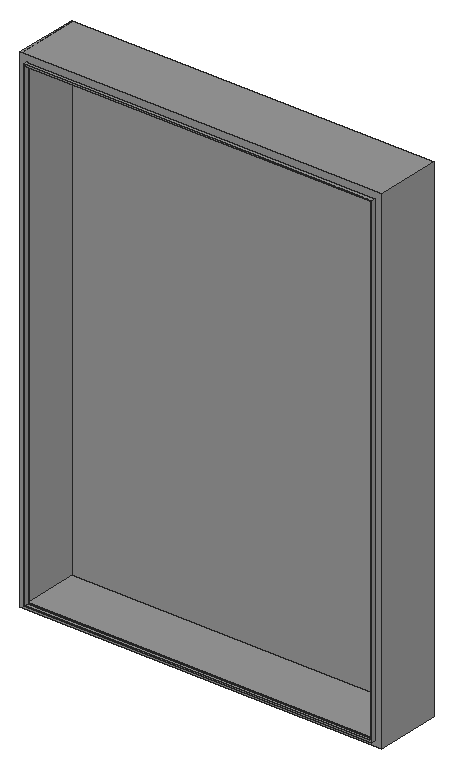
Revit family "Hager-Univers-IP30-D161-Cl.II-FWQ-encl-NoHosted-NL-en", category Equipement électrique, Revit 2020
Family settings
  Configuration du panneau = Deux colonnes, circuits au sein
  Cote de connecteur circulaire = Utiliser le diamètre
  Type d'élément = Tableau de raccordement
  Basée sur le plan de construction = Oui
  Toujours verticalement = Oui
  Couper avec des vides une fois chargée = Non
  Partagée = Non
  Point de calcul de pièce = Non
Parameters (values of type "Surface mounted (plaster) IP30 W800 H1100 D161  - FWQ73D1")
  Width Control [instance] = if([EF000008 - Width] > Min Width, [EF000008 - Width], Min Width)  # 800 mm
  Commentaires du type = [HG000003 - Range]  # "Univers"
  Thickness Door [instance] = if([EF009171 - Material plate thickness door/cover] > 3 mm, 3 mm, [EF009171 - Material plate thickness door/cover])  # 2 mm
  Seal Frame Offset [instance] = 17 mm  # constant formula
  Plinth Visibility [instance] = [HG000027 - Plinth height] > 0 mm  # no
  Min Width [instance] = 100 mm  # constant formula
  Min Depth [instance] = (2 * [EF009170 - Material plate thickness cabinet]) + 1 mm  # 5 mm
  Min Height [instance] = 100 mm  # constant formula
  Internal Frame Depth [instance] = (Door System Depth * 0.5)  # 9 mm
  Panel Name [instance] = ""  # (empty or 0)
  Model = ""
  HG000027 - Plinth height = 0 mm
  HG000026 - Floor standing = no
  HG000024 - Bottom section height = 600 mm
  HG000023 - Double section enclosure = no
  HG000016 - Door 3d visibility [instance] = yes
  HG000015 - Clearance visibility [instance] = no
  HG000014 - Door on the right [instance] = yes
  HG000013 - Door on the left [instance] = not([HG000014 - Door on the right])  # no
  HG000012 - Door swing angle [instance] = 30.00°
  HG000010 - Asymmetric doors = no
  HG000009 - Double swing door = no
  HG000006 - Flush mounted = no
  HG000004 - Manufacturer reference = "FWQ73D1"
  HG000003 - Range = "Univers"
  HG000002 - With door or cover = no
  Frame Offset Bottom [instance] = 10 mm  # constant formula
  Frame Offset [instance] = 15 mm  # constant formula
  EF015940 - Cover with overpressure release = no
  EF011959 - Degree of protection (NEMA) = ""
  EF009554 - Number of openings for flange plates = 6
  EF009212 - Cover model = "EV009916 - With notch"
  EF009171 - Material plate thickness door/cover = 2 mm
  EF009170 - Material plate thickness cabinet = 2 mm
  EF008873 - Nominal current (In) = 125 A
  EF007800 - Suitable for lightning protection = no
  EF006306 - With lock = no
  EF006244 - Transparent cover/door = no
  EF005474 - Degree of protection (IP) = "EV006410 - IP30"
  EF004464 - Type of door = "EV002646 - Single"
  EF004427 - Number of modules = 252
  EF004293 - Impact strength = ""
  EF003532 - Suitable for outdoor use = no
  EF002950 - Width in number of modular spacings = 12
  EF001613 - Circuit integrity = "EV000494 - None"
  EF001596 - Material housing = "EV000179 - Steel"
  EF001131 - Internal depth = 161 mm
  EF001088 - Extension possible = yes
  EF000437 - Number of conduit inlets = 12
  EF000339 - Type of cover = "EV001012 - Cover"
  EF000266 - Number of rows = 21
  EF000218 - Built-in depth = 0 mm
  EF000118 - With mounting plate = yes
  EF000116 - RAL-number = "9010"
  EF000049 - Depth = 161 mm
  EF000040 - Height = 1100 mm
  EF000008 - Width = 800 mm
  EF000007 - Colour = "EV000202 - White"
  EF000003 - Mounting method = "EV000384 - Surface mounted (plaster)"
  Door System Leaf Tolerance [instance] = 1.5 mm  # constant formula
  Door System Depth [instance] = 18 mm  # constant formula
  Door Height [instance] = Height Control - [HG000027 - Plinth height]  # 1100 mm
  Description = ""
  Default Elevation = 1219.2 mm
  Connector Offset [instance] = Height Control / 2  # 550 mm
  Fabricant = "Hager"  # constant formula
  Height Control [instance] = if([EF000040 - Height] > Min Height, [EF000040 - Height], Min Height)  # 1100 mm
  Depth Control [instance] = if([EF000049 - Depth] > Min Depth, [EF000049 - Depth], Min Depth)  # 161 mm
  Bottom Top Plate Trim [instance] = 1.5 mm  # constant formula
  Plinth height Ctrl [instance] = if([HG000027 - Plinth height] > 0 mm, [HG000027 - Plinth height], 12 mm)  # 12 mm
Types (2, lengths in mm): name | Width Control | HG000004 - Manufacturer reference | EF009554 - Number of openings for flange plates | EF004427 - Number of modules | EF000437 - Number of conduit inlets | EF000266 - Number of rows | EF000008 - Width
  Surface mounted (plaster) IP30 W1050 H1100 D161  - FWQ74D1 | 1050 | "FWQ74D1" | 8 | 336 | 16 | 28 | 1050
  Surface mounted (plaster) IP30 W800 H1100 D161  - FWQ73D1 | 800 | "FWQ73D1" | 6 | 252 | 12 | 21 | 800
Reference planes
  plane 1 "Center (Front/Back)": y = 0
  plane 2: z = 0
  plane 3 "Center (Left/Right)": x = 0
  plane 4: y = 0
  plane 5: y = 0
  plane 6: z = 0
  plane 7: x = -400
  plane 8: x = 400
  plane 9: x = 398
  plane 10: x = -398
  plane 11: z = 0
  plane 12: z = 2
  plane 13: y = -161
  plane 14: y = -2
  plane 15: x = 0
  plane 16: y = -143
  plane 17: y = -159
  plane 18: y = -141
  plane 19: x = -383
  plane 20: x = 383
  plane 21: z = 12
  plane 22: x = -383
  plane 23: x = 383
  plane 24: z = 0
  plane 25: z = 1100
  plane 26: z = 1100
  plane 27: z = 1083
  plane 28: z = 1098
Forms (mm)
  Extrusion 1, solid, material "Hager_Steel_RAL7035_Light_Grey", detail levels medium+fine
    sketch origin (-208.679, -4572, 0) x (-1, 0, 0) y (0, -1, 0)
      loop
        line (191.321, -4429) -> (-608.679, -4429) -> (-608.679, -4572) -> (191.321, -4572) -> (191.321, -4429)
    from 0 to 1100
  Extrusion 2, void
    sketch origin (-350.771, -161, 1219.2) x (1, 0, 0) y (0, 0, 1)
      loop
        line (-47.229, -121.2) -> (-47.229, -1217.2) -> (748.771, -1217.2) -> (748.771, -121.2) -> (-47.229, -121.2)
    from -20 to -159
  Extrusion 3, void
    sketch origin (-290.084, -143, 1219.2) x (1, 0, 0) y (0, 0, 1)
      loop
        line (-92.916, -1207.2) -> (673.084, -1207.2) -> (673.084, -136.2) -> (-92.916, -136.2) -> (-92.916, -1207.2)
    from 0 to -2
  Extrusion 4, solid, material "Hager_Steel_RAL7035_Light_Grey", visible <- "Plinth Visibility", detail levels medium+fine
    sketch origin (0, 0, 0) x (1, 0, 0) y (0, 1, 0)
      loop
        line (-400, 0) -> (-400, -143) -> (400, -143) -> (400, 0) -> (-400, 0)
    from 0 to 12 <- "Plinth height Ctrl"
  Extrusion 5, solid, material "Hager_Steel_RAL7035_Light_Grey", detail levels coarse
    sketch origin (0, 0, 0) x (1, 0, 0) y (0, 1, 0)
      loop
        line (-400, 0) -> (-400, -161) -> (400, -161) -> (400, 0) -> (-400, 0)
    from 0 to 1100 <- "Height Control"
  Sweep 6, void
    path in 3D
      loop
        line (-400, -143, 12) -> (400, -143, 12) -> (400, 0, 12) -> (-400, 0, 12) -> (-400, -143, 12)
    profile origin (-400, -71.5, 12) x (1, 0, 0) y (0, 0, 1)
      loop
        line (0, 0) -> (0, -1.5) -> (1.5, -1.5)
        arc (1.5, -1.5) -> (1.061, -0.439) -> (0, 0) r 1.5
  Extrusion 7, solid, material "Hager_Steel_RAL7035_Light_Grey", detail levels fine
    sketch origin (-400, -143, 0) x (1, 0, 0) y (0, 0, 1)
      loop
        line (17, 12) -> (783, 12) -> (783, 1083) -> (17, 1083) -> (17, 12)
      loop
        line (15, 10) -> (785, 10) -> (785, 1085) -> (15, 1085) -> (15, 10)
    from 0 to 9 <- "Internal Frame Depth"
Cuts and joins
  Extrusion 2, Extrusion 3 cuts Extrusion 1
  Sweep 6 cuts Extrusion 4
Lines and regions (mm)
  Masking region 1
    outline origin (0, 0, 0) x (1, 0, 0) y (0, 1, 0)
      loop
        line (-400, 0) -> (-400, -161) -> (400, -161) -> (400, 0) -> (-400, 0)
  Masking region 2, detail levels coarse
    outline origin (-290.084, -143, 1219.2) x (-1, 0, 0) y (0, 0, 1)
      loop
        line (-690.084, -1219.2) -> (109.916, -1219.2) -> (109.916, -119.2) -> (-690.084, -119.2) -> (-690.084, -1219.2)
  Masking region 3, detail levels coarse
    outline origin (0, 0, 0) x (0, 1, 0) y (0, 0, 1)
      loop
        line (0, 0) -> (0, 1100) -> (-161, 1100) -> (-161, 0) -> (0, 0)
  Masking region 4, visible <- "Plinth Visibility", detail levels medium+fine
    outline origin (0, 0, 0) x (0, 1, 0) y (0, 0, 1)
      loop
        line (-1.5, 12) -> (-141.5, 12)
        arc (-141.5, 12) -> (-141.939, 10.939) -> (-143, 10.5) r 1.5
        line (-143, 10.5) -> (-143, 0) -> (0, 0) -> (0, 10.5)
        arc (0, 10.5) -> (-1.061, 10.939) -> (-1.5, 12) r 1.5
  Masking region 5, detail levels medium+fine
    outline origin (0, 0, 594.038) x (0, 1, 0) y (0, 0, 1)
      loop
        line (0, -594.038) -> (0, 505.962) -> (-143, 505.962) -> (-143, -594.038) -> (0, -594.038)
  Masking region 6, detail levels medium+fine
    outline origin (-359.7, -143, 1211.883) x (-1, 0, 0) y (0, 0, 1)
      loop
        line (-759.7, -1211.883) -> (40.3, -1211.883) -> (40.3, -111.883) -> (-759.7, -111.883) -> (-759.7, -1211.883)
  Masking region 7, visible <- "Plinth Visibility", detail levels medium+fine
    outline origin (-320.334, -143, 1041.368) x (-1, 0, 0) y (0, 0, 1)
      loop
        line (-720.334, -1041.368) -> (79.666, -1041.368) -> (79.666, -1030.868)
        arc (79.666, -1030.868) -> (78.606, -1030.429) -> (78.166, -1029.368) r 1.5
        line (78.166, -1029.368) -> (-718.834, -1029.368)
        arc (-718.834, -1029.368) -> (-719.273, -1030.429) -> (-720.334, -1030.868) r 1.5
        line (-720.334, -1030.868) -> (-720.334, -1041.368)
  sketch lines
    curve 1: line (-400, 0, 12) -> (-400, -143, 12)
    curve 2: line (-400, -143, 12) -> (400, -143, 12)
    curve 3: line (400, 0, 12) -> (-400, 0, 12)
    curve 4: line (400, -143, 12) -> (400, 0, 12)
Dimensions and locks
  locked: plane 1 "Center (Front/Back)" to plane 5
  "EF009170 - Material plate thickness cabinet": plane 7 to plane 10
  "EF009170 - Material plate thickness cabinet": plane 8 to plane 9
  equal spacing: plane 7, plane 3 "Center (Left/Right)", plane 8
  "Width Control": plane 7 to plane 8
  "Depth Control": plane 4 to plane 13
  "EF009170 - Material plate thickness cabinet": plane 4 to plane 14
  "Height Control": plane 25 to level
  "HG000027 - Plinth height": plane 11 to level
  "EF009170 - Material plate thickness cabinet": plane 12 to plane 11
  "EF009170 - Material plate thickness cabinet": plane 17 to plane 13
  "EF009170 - Material plate thickness cabinet": plane 18 to plane 16
  "Frame Offset Bottom": plane 21 to plane 12
  "Frame Offset": plane 10 to plane 19
  "Frame Offset": plane 9 to plane 20
  "Door System Depth": plane 16 to plane 13
  "Seal Frame Offset": plane 7 to plane 22
  "Seal Frame Offset": plane 8 to plane 23
  "EF009170 - Material plate thickness cabinet": plane 26 to plane 28
  "Frame Offset": plane 28 to plane 27
  "Connector Offset": plane 2 to connector elem
  "Bottom Top Plate Trim": profile plane to Sweep 6 sketch curve
  "Bottom Top Plate Trim": Sweep 6 sketch curve to Sweep 6 sketch curve
  "Plinth height Ctrl": Masking region 4 sketch curve to level
  "Plinth height Ctrl": Masking region 7 sketch curve to level
  "Thickness Door": Extrusion 7 sketch curve to Extrusion 7 sketch curve  (x4)
  "Bottom Top Plate Trim": radius of Sweep 6 sketch curve
  "Bottom Top Plate Trim": radius of Masking region 4 sketch curve  (x2)
  "Bottom Top Plate Trim": radius of Masking region 7 sketch curve  (x2)
  aligned and locked: Extrusion 2 sketch curve to plane 12
  aligned and locked: Extrusion 2 sketch curve to plane 9
  aligned and locked: Extrusion 2 sketch curve to plane 10
  aligned and locked: Extrusion 2 to plane 14
  aligned and locked: Extrusion 1 sketch curve to plane 4
  aligned and locked: plane 8 to Extrusion 1 sketch curve
  aligned and locked: plane 7 to Extrusion 1 sketch curve
  aligned and locked: Extrusion 2 to plane 18
  aligned and locked: Extrusion 3 sketch curve to plane 19
  aligned and locked: plane 20 to Extrusion 3 sketch curve
  aligned and locked: Extrusion 3 to Extrusion 2
  aligned and locked: Extrusion 3 sketch curve to plane 21
  aligned and locked: plane 3 "Center (Left/Right)" to nested 1
  aligned and locked: Extrusion 1 sketch curve to plane 16
  aligned and locked: Extrusion 4 sketch curve to cut or joined group of Extrusion 1, Extrusion 2, Extrusion 3
  aligned and locked: Masking region 1 sketch curve to plane 7
  aligned and locked: Masking region 1 sketch curve to plane 5
  aligned and locked: Masking region 1 sketch curve to plane 8
  aligned and locked: Masking region 2 sketch curve to level
  aligned and locked: level to Masking region 3 sketch curve
  aligned and locked: plane 1 "Center (Front/Back)" to Masking region 3 sketch curve
  aligned and locked: plane 13 to Masking region 3 sketch curve
  aligned and locked: plane 5 to Masking region 4 sketch curve
  aligned and locked: Masking region 2 sketch curve to plane 8
  aligned and locked: Masking region 2 sketch curve to plane 7
  aligned and locked: plane 7 to nested 2
  aligned and locked: nested 2 to plane 5
  aligned and locked: plane 5 to Masking region 5 sketch curve
  aligned and locked: plane 26 to Masking region 5 sketch curve
  aligned and locked: Extrusion 5 sketch curve to plane 8
  aligned and locked: Extrusion 5 sketch curve to plane 7
  aligned and locked: Extrusion 5 sketch curve to plane 5
  aligned and locked: Extrusion 3 sketch curve to plane 27
  aligned and locked: Extrusion 2 sketch curve to plane 28
  aligned and locked: Masking region 2 to plane 25
  aligned and locked: Extrusion 4 to plane 16
  aligned and locked: profile plane to Sweep 6 sketch curve
  aligned and locked: Masking region 5 sketch curve to plane 24
  aligned and locked: level to Masking region 4 sketch curve
  aligned and locked: Masking region 1 to plane 13
  aligned and locked: nested 1 to plane 16
  aligned and locked: Masking region 3 to plane 25
  aligned and locked: plane 16 to Masking region 4 sketch curve
  aligned and locked: Masking region 5 sketch curve to plane 16
  aligned and locked: plane 24 to plane 11
  aligned and locked: plane 26 to plane 25
  aligned and locked: plane 26 to cut or joined group of Extrusion 1, Extrusion 2, Extrusion 3
  aligned and locked: nested 1 to plane 24
  aligned and locked: Extrusion 1 to Extrusion 3
  aligned and locked: Masking region 6 sketch curve to plane 8
  aligned and locked: Masking region 6 sketch curve to plane 24
  aligned and locked: Masking region 6 sketch curve to plane 7
  aligned and locked: Masking region 6 sketch curve to plane 26
  aligned and locked: Masking region 7 sketch curve to plane 7
  aligned and locked: level to Masking region 7 sketch curve
  aligned and locked: Masking region 7 sketch curve to plane 8
  aligned and locked: Extrusion 7 sketch curve to cut or joined group of Extrusion 1, Extrusion 2, Extrusion 3  (x4)
Automatic sketch dimensions
  plane 19 to Extrusion 3 sketch curve = 0 mm
  Extrusion 3 sketch curve to plane 20 = 0 mm
  Extrusion 3 sketch curve to plane 21 = 0 mm
  Extrusion 4 sketch curve to plane 7 = 0 mm
  Extrusion 4 sketch curve to plane 8 = 0 mm
  Extrusion 4 sketch curve to plane 16 = 0 mm
  Masking region 1 sketch curve to plane 13 = 0 mm
  Masking region 2 sketch curve to plane 25 = 0 mm
  Masking region 3 sketch curve to plane 25 = 0 mm
  Extrusion 5 sketch curve to plane 13 = 0 mm
  profile plane to Sweep 6 sketch curve = 0 mm
Nested families
  nested 1: "EC000058_Univers_Door" at (0, -143, 0), Double <- "HG000009 - Double swing door", Transparent <- "EF006244 - Transparent cover/door", Angle <- "HG000012 - Door swing angle", Door_Right <- "HG000014 - Door on the right", Assymetrical <- "HG000010 - Asymmetric doors", Door <- "HG000002 - With door or cover", Width_Ctrl <- "Width Control", 3d_Door <- "HG000016 - Door 3d visibility", Clearance <- "HG000015 - Clearance visibility", Door_Left <- "HG000013 - Door on the left", Width <- "Width Control", Door_Depth <- "Door System Depth", Leaf_Tolerance <- "Door System Leaf Tolerance", Height <- "Door Height", Lock_Visibility <- "EF006306 - With lock", Thickness <- "Thickness Door", type "EC000058_Univers_Door", detail levels medium+fine
    with min_wh 5 mm, Width_Ctrl 800 mm, Width 800 mm, Transparent no, Thickness 2 mm, Seal_Material Hager_Rubber, Lock_Visibility no, Lock_Material Hager_Plastic_RAL9005_Jet_Black, Leaf_Width 800 mm, Leaf_Tolerance_External_Sides 0 mm, Leaf_Tolerance 1.5 mm, Leaf_Offset 0 mm, Leaf_Height 1097 mm, Leaf_2_Width 800 mm, Leaf_2_Offset 400 mm, Leaf_1_Width 800 mm, Leaf_1_Offset 400 mm, Height_Ctrl 1100 mm, Height 1100 mm, Glass_Material Hager_Glass, Double_Clearance_Ctrl no, Double no, Door_Right_Ctrl no, Door_Right yes, Door_Material Hager_Steel_RAL7035_Light_Grey, Door_Left_Ctrl no, Door_Left no, Door_Depth 18 mm, Door no, Clearance_Material Hager_Clearance, Clearance_Depth 800 mm, Clearance_Ctrl no, Clearance no, Assymetrical no, Angle 30.00°, 3d_Door yes
  nested 2: "Hager_Enclosure_Symbol" at (-400, 0, 0), Height <- "Depth Control", Width <- "Width Control", type "Hager_Enclosure_Symbol"
    with Width_Ctrl 800 mm, Width 800 mm, Height_Ctrl 161 mm, Height 161 mm, A_Width_Int 10.566 mm, A_Width 126.788 mm, A_Height_Ctrl 140.875 mm, A_Height 140.875 mm
Connectors
  electrical at (0, 0, 550)
    settings: on plane 1 "Center (Front/Back)", index 1, voltage 0 V, apparent load 0 VA, apparent load phase1 0 VA, apparent load phase2 0 VA, apparent load phase3 0 VA, power factor 1, load classification "Other", number of poles 1, system type 30, power factor state 1, is connector primary yes, connector utility no, sub classification motor no, connector description ""
Definition of nested family "EC000058_Univers_Door"
  Parameters (values of type "EC000058_Univers_Door")
    min_wh [instance] = (2 * Thickness) + 1 mm  # 11 mm
    Width_Ctrl [instance] = 400 mm
    Width [instance] = 500 mm
    Transparent [instance] = yes
    Thickness [instance] = 5 mm
    Seal_Material [instance] = none
    Lock_Visibility [instance] = yes
    Lock_Material [instance] = none
    Leaf_Width [instance] = if((Width_Ctrl - 2 * Leaf_Tolerance_External_Sides) > 0 mm, (Width_Ctrl - 2 * Leaf_Tolerance_External_Sides), min_wh)  # 400 mm
    Leaf_Tolerance_External_Sides [instance] = 0 mm  # constant formula
    Leaf_Tolerance [instance] = 1.5 mm
    Leaf_Offset [instance] = 0 mm  # constant formula
    Leaf_Height [instance] = if((Height_Ctrl - 2 * Leaf_Tolerance) > 0 mm, (Height_Ctrl - 2 * Leaf_Tolerance), min_wh)  # 497 mm
    Leaf_2_Width [instance] = if(and(and(Double, Assymetrical), Door_Left), (Leaf_Width / 3) - (Leaf_Tolerance / 2), if(and(and(Double, Assymetrical), Door_Right), (Leaf_Width / 3) * 2 - (Leaf_Tolerance / 2), if(and(Double, not(Assymetrical)), (Leaf_Width / 2) - Leaf_Tolerance, Leaf_Width)))  # 400 mm
    Leaf_2_Offset [instance] = if(and(Double, Assymetrical), Leaf_2_Width / 2, if(and(Double, not(Assymetrical)), Leaf_Width / 4, Leaf_Width / 2))  # 200 mm
    Leaf_1_Width [instance] = if(and(and(Double, Assymetrical), Door_Right), (Leaf_Width / 3) - (Leaf_Tolerance / 2), if(and(and(Double, Assymetrical), Door_Left), (Width / 3) * 2 - (Leaf_Tolerance / 2), if(and(Double, not(Assymetrical)), (Leaf_Width / 2) - Leaf_Tolerance, Leaf_Width)))  # 400 mm
    Leaf_1_Offset [instance] = if(and(Double, Assymetrical), Leaf_1_Width / 2, if(and(Double, not(Assymetrical)), Leaf_Width / 4, Leaf_Width / 2))  # 200 mm
    Height_Ctrl [instance] = if(Height > min_wh, Height, min_wh)  # 500 mm
    Height [instance] = 500 mm
    Glass_Material [instance] = none
    Double_Clearance_Ctrl [instance] = and(Double, Clearance)  # no
    Double [instance] = no
    Door_Right_Ctrl [instance] = and(or(Door_Right, Double), Door)  # yes
    Door_Right [instance] = yes
    Door_Material [instance] = none
    Door_Left_Ctrl [instance] = and(or(Door_Left, Double), Door)  # no
    Door_Left [instance] = no
    Door_Depth [instance] = 30 mm
    Door [instance] = yes
    Default Elevation = 1219.2 mm
    Clearance_Material [instance] = none
    Clearance_Depth [instance] = if(Leaf_1_Width > Leaf_2_Width, Leaf_1_Width, Leaf_2_Width)  # 400 mm
    Clearance_Ctrl [instance] = and(not(Double), Clearance)  # yes
    Clearance [instance] = yes
    Assymetrical [instance] = yes
    Angle [instance] = 30.00°
    3d_Door [instance] = yes
  Reference planes
    plane 1 "Center (Front/Back)": y = 0
    plane 2 "Bottom": z = 0
    plane 3 "Center (Left/Right)": x = 0
    plane 4: z = 500
    plane 5: x = -200
    plane 6: x = 200
    plane 7: z = 500
    plane 8: x = -200
    plane 9: z = 0
    plane 10: x = 200
    plane 11: y = 0
    plane 12: z = 1.5
    plane 13: x = -600
    plane 14: y = -400
    plane 15: x = 600
    plane 16: x = 0
    plane 17: x = 0
    plane 18: x = -200
    plane 19: x = 200
    plane 20: z = 498.5
  Forms (mm)
    Extrusion 1, solid, material <- "Clearance_Material", visible <- "Double_Clearance_Ctrl"
      sketch origin (1200, 0, 0) x (1, 0, 0) y (0, 0, -1)
        loop
          line (-1800, -498.5) -> (-600, -498.5) -> (-600, 0) -> (-1800, 0) -> (-1800, -498.5)
      from 0 to -400
  Dimensions and locks
    equal spacing: plane 5, plane 3 "Center (Left/Right)", plane 6
    "Width_Ctrl": plane 5 to plane 6
    "Leaf_Offset": plane 5 to plane 8
    "Leaf_Offset": plane 6 to plane 10
    "Leaf_Offset": plane 9 to level
    "Leaf_Offset": plane 4 to plane 7
    "Height_Ctrl": plane 4 to level
    "Leaf_Tolerance": plane 12 to plane 9
    locked: plane 11 to plane 1 "Center (Front/Back)"
    "Leaf_1_Offset": plane 18 to plane 16
    "Leaf_2_Offset": plane 17 to plane 19
    "Leaf_1_Width": plane 13 to plane 8
    "Leaf_2_Width": plane 10 to plane 15
    "Clearance_Depth": plane 14 to plane 1 "Center (Front/Back)"
    "Leaf_Tolerance_External_Sides": plane 8 to plane 18
    "Leaf_Tolerance_External_Sides": plane 19 to plane 10
    "Leaf_Tolerance": plane 7 to plane 20
    aligned and locked: level to plane 2 "Bottom"
    aligned and locked: nested 1 to plane 16
    aligned and locked: nested 2 to plane 17
    aligned and locked: Extrusion 1 to plane 13
    aligned and locked: plane 15 to Extrusion 1
    aligned and locked: Extrusion 1 to plane 14
    aligned and locked: plane 12 to nested 1
    aligned and locked: nested 2 to plane 12
    aligned and locked: Extrusion 1 to plane 11
    aligned and locked: plane 20 to Extrusion 1
    aligned and locked: nested 2 to plane 11
    aligned and locked: nested 1 to plane 11
  Automatic sketch dimensions
    Extrusion 1 sketch curve to level = 0 mm
    plane 5 to Extrusion 1 sketch curve = 400 mm
    plane 6 to Extrusion 1 sketch curve = 400 mm
    Extrusion 1 sketch curve to plane 4 = 1.5 mm
  Nested families
    nested 1: "EC000058_Univers_Door_Leaf" at (0, 0, 1.5), Width <- "Leaf_1_Width", visible <- "Door_Left_Ctrl", Leaf_Height <- "Leaf_Height", Angle <- "Angle", 3d_Door <- "3d_Door", Transparent <- "Transparent", Clearance Material <- "Clearance_Material", Clearance <- "Clearance_Ctrl", Door_Material <- "Door_Material", Glass_Material <- "Glass_Material", Door_Depth <- "Door_Depth", Lock_Material <- "Lock_Material", Seal_Material <- "Seal_Material", Lock_Visibility <- "Lock_Visibility", Thickness <- "Thickness", type "EC000058_Univers_Door_Leaf"
      with Width 400 mm, Transparent_Glass_Offset 30 mm, Transparent_Ctrl yes, Transparent yes, Thickness 5 mm, Standard no, Seal_Material none, Seal_D2 8 mm, Seal_D1 1 mm, Offset_Internal_Frame 10 mm, Lock_Width 20 mm, Lock_Visibility_3d yes, Lock_Visibility yes, Lock_Thickness_3 3 mm, Lock_Thickness_2 1 mm, Lock_Thickness_1 3 mm, Lock_Radius_Offset_2 16 mm, Lock_Radius_Offset_1 15 mm, Lock_Radius_2 5 mm, Lock_Radius 6 mm, Lock_Offset 5 mm, Lock_Material none, Lock_Height 80 mm, Lock_Cover_Top_Offset_2d 17 mm, Lock_Cover_Height -65 mm, Leaf_Height 497 mm, Internal_Seal_Thickness 8 mm, Internal_Seal_Depth_2 4.5 mm, Internal_Frame_Depth 25 mm, Glass_Thickness -1 mm, Glass_Offset -2 mm, Glass_Material none, Door_Material none, Door_Depth 30 mm, Clearance Material none, Clearance yes, Angle_Ctrl 30.00°, Angle 30.00°, 3d_Door yes
    nested 2: "EC000058_Univers_Door_Leaf" at (0, 0, 1.5) x (-1, 0, 0) z (0, 0, 1), Width <- "Leaf_2_Width", visible <- "Door_Right_Ctrl", Leaf_Height <- "Leaf_Height", Angle <- "Angle", 3d_Door <- "3d_Door", Transparent <- "Transparent", Clearance Material <- "Clearance_Material", Clearance <- "Clearance_Ctrl", Door_Material <- "Door_Material", Glass_Material <- "Glass_Material", Door_Depth <- "Door_Depth", Lock_Material <- "Lock_Material", Seal_Material <- "Seal_Material", Lock_Visibility <- "Lock_Visibility", Thickness <- "Thickness", type "EC000058_Univers_Door_Leaf"
      with Width 400 mm, Transparent_Glass_Offset 30 mm, Transparent_Ctrl yes, Transparent yes, Thickness 5 mm, Standard no, Seal_Material none, Seal_D2 8 mm, Seal_D1 1 mm, Offset_Internal_Frame 10 mm, Lock_Width 20 mm, Lock_Visibility_3d yes, Lock_Visibility yes, Lock_Thickness_3 3 mm, Lock_Thickness_2 1 mm, Lock_Thickness_1 3 mm, Lock_Radius_Offset_2 16 mm, Lock_Radius_Offset_1 15 mm, Lock_Radius_2 5 mm, Lock_Radius 6 mm, Lock_Offset 5 mm, Lock_Material none, Lock_Height 80 mm, Lock_Cover_Top_Offset_2d 17 mm, Lock_Cover_Height -65 mm, Leaf_Height 497 mm, Internal_Seal_Thickness 8 mm, Internal_Seal_Depth_2 4.5 mm, Internal_Frame_Depth 25 mm, Glass_Thickness -1 mm, Glass_Offset -2 mm, Glass_Material none, Door_Material none, Door_Depth 30 mm, Clearance Material none, Clearance yes, Angle_Ctrl 30.00°, Angle 30.00°, 3d_Door yes
  Definition of nested family "EC000058_Univers_Door_Leaf"
    Parameters (values of type "EC000058_Univers_Door_Leaf")
      Width [instance] = 2000 mm
      Transparent_Glass_Offset [instance] = 30 mm
      Transparent_Ctrl [instance] = and(Transparent, [3d_Door])  # yes
      Transparent [instance] = yes
      Thickness [instance] = 5 mm
      Standard [instance] = and(not(Transparent), [3d_Door])  # no
      Seal_Material [instance] = none
      Seal_D2 [instance] = 8 mm  # constant formula
      Seal_D1 [instance] = 1 mm  # constant formula
      Offset_Internal_Frame [instance] = 10 mm  # constant formula
      Lock_Width [instance] = 20 mm  # constant formula
      Lock_Visibility_3d [instance] = and(Lock_Visibility, [3d_Door])  # yes
      Lock_Visibility [instance] = yes
      Lock_Thickness_3 [instance] = 3 mm  # constant formula
      Lock_Thickness_2 [instance] = 1 mm  # constant formula
      Lock_Thickness_1 [instance] = 3 mm  # constant formula
      Lock_Radius_Offset_2 [instance] = Lock_Radius_Offset_1 + 1 mm  # 16 mm
      Lock_Radius_Offset_1 [instance] = 15 mm  # constant formula
      Lock_Radius_2 [instance] = Lock_Radius - 1 mm  # 5 mm
      Lock_Radius [instance] = 6 mm  # constant formula
      Lock_Offset [instance] = 5 mm  # constant formula
      Lock_Material [instance] = none
      Lock_Height [instance] = 80 mm  # constant formula
      Lock_Cover_Top_Offset_2d [instance] = Lock_Radius_Offset_2 + 1 mm  # 17 mm
      Lock_Cover_Height [instance] = -(Lock_Height - Lock_Radius_Offset_1)  # -65 mm
      Leaf_Height [instance] = 2720.336 mm
      Internal_Seal_Thickness [instance] = 8 mm  # constant formula
      Internal_Seal_Depth_2 [instance] = 4.5 mm  # constant formula
      Internal_Frame_Depth [instance] = if(Door_Depth - Thickness > 5 mm, Door_Depth - Thickness, 5 mm)  # 25 mm
      Glass_Thickness [instance] = if(Thickness > 15 mm, Glass_Offset + 10 mm, -1 mm)  # -1 mm
      Glass_Offset [instance] = if(Thickness > 15 mm, -(Thickness + 10 mm) / 2, -2 mm)  # -2 mm
      Glass_Material [instance] = none
      Door_Material [instance] = none
      Door_Depth [instance] = 30 mm
      Default Elevation = 0 mm
      Clearance Material [instance] = none
      Clearance [instance] = yes
      Angle_Ctrl [instance] = if(Angle > 180.00°, 180.00°, Angle)  # 90.00°
      Angle [instance] = 90.00°
      3d_Door [instance] = yes
    Reference planes
      plane 1 "Center (Front/Back)": y = 0
      plane 2: z = 0
      plane 3 "Center (Left/Right)": x = 0
      plane 4: y = 2000
      plane 5: x = -1000
      plane 6: x = 1000
      plane 7: x = -3000
      plane 8: z = 2720.336
      plane 9: z = 30
      plane 10: z = 2690.336
      plane 11: x = 970
      plane 12: x = -970
      plane 13: y = -3
      plane 14: z = 107.833
      plane 15: y = -5
      plane 16: y = -223.314
      plane 17: x = -1000
      plane 18: z = 1360.168
      plane 19: y = 30
    Forms (mm)
      Extrusion 1, solid, material <- "Clearance Material", visible <- "Clearance"
        sketch origin (0, 0, 0) x (1, 0, 0) y (0, 0, 1)
          loop
            line (-3000, 2720.336) -> (-3000, 0) -> (1000, 0) -> (1000, 2720.336) -> (-3000, 2720.336)
        from 0 to -2000
      Extrusion 2, solid, material <- "Door_Material", visible <- "Standard", detail levels medium+fine
        sketch origin (-1000, 0, 0) x (0, 1, 0) y (-1, 0, 0)
          loop
            line (0, 30) -> (0, 25) -> (2000, 25) -> (2000, 30) -> (0, 30)
        from 0 to 2720.336 <- "Leaf_Height"
      Extrusion 3, solid, material <- "Door_Material", visible <- "Transparent_Ctrl", detail levels medium+fine
        sketch origin (-1000, 0, 0) x (0, 1, 0) y (-1, 0, 0)
          loop
            line (0, 25) -> (2000, 25) -> (2000, 30) -> (0, 30) -> (0, 25)
        from 0 to 2720.336 <- "Leaf_Height"
      Extrusion 4, void
        sketch origin (-1025, 2000, 0) x (0, 1, 0) y (0, 0, -1)
          loop
            line (-30, -2690.336) -> (-30, -30) -> (-1970, -30) -> (-1970, -2690.336) -> (-30, -2690.336)
        from 0 to 5 <- "Thickness"
      Sweep 5, solid, material <- "Seal_Material", visible <- "Transparent_Ctrl", detail levels fine
        path in 3D
          loop
            line (-1025, 30, 30) -> (-1025, 30, 2690.336) -> (-1025, 1970, 2690.336) -> (-1025, 1970, 30) -> (-1025, 30, 30)
        profile origin (-1025, 1000, 30) x (1, 0, 0) y (0, 0, 1)
          loop
            line (0, 0) -> (0, -8) -> (1, -8) -> (1, 0) -> (0, 0)
      Extrusion 6, solid, material <- "Glass_Material", visible <- "Transparent_Ctrl", detail levels medium+fine
        sketch origin (-1030, 0, 0) x (0, 1, 0) y (0, 0, -1)
          loop
            line (1970, -2690.336) -> (1970, -30) -> (30, -30) -> (30, -2690.336) -> (1970, -2690.336)
        from -2 <- "Glass_Offset" to -1 <- "Glass_Thickness"
      Extrusion 7, solid, material <- "Door_Material", visible <- "3d_Door", detail levels medium+fine
        sketch origin (-1025, 2000, 0) x (0, -1, 0) y (0, 0, -1)
          loop
            line (0, -2720.336) -> (2000, -2720.336) -> (2000, 0) -> (0, 0) -> (0, -2720.336)
          loop
            line (1995, -5) -> (5, -5) -> (5, -2715.336) -> (1995, -2715.336) -> (1995, -5)
        from 0 to 25 <- "Internal_Frame_Depth"
      Sweep 8, solid, material <- "Seal_Material", visible <- "Transparent_Ctrl", detail levels fine
        path in 3D
          loop
            line (-1025, 0, 0) -> (-1025, 2000, 0) -> (-1025, 2000, 2720.336) -> (-1025, 0, 2720.336) -> (-1025, 0, 0)
        profile origin (-1025, 0, 1360.168) x (1, 0, 0) y (0, 1, 0)
          loop
            line (0, 10) -> (2.975, 10)
            arc (2.975, 10) -> (4.053, 10.447) -> (4.5, 11.525) r 1.525
            line (4.5, 11.525) -> (4.5, 16.527)
            arc (4.5, 16.527) -> (4.069, 17.569) -> (3.027, 18) r 1.473
            line (3.027, 18) -> (0, 18) -> (0, 10)
      Extrusion 9, solid, material <- "Lock_Material", visible <- "Lock_Visibility_3d", detail levels fine
        sketch origin (-1030, 0, 0) x (0, 1, 0) y (0, 0, -1)
          loop
            arc (1993.5, -1400.168) -> (1994.561, -1399.729) -> (1995, -1398.668) r 1.5
            line (1995, -1398.668) -> (1995, -1320.168) -> (1975, -1320.168) -> (1975, -1398.668)
            arc (1975, -1398.668) -> (1975.439, -1399.729) -> (1976.5, -1400.168) r 1.5
            line (1976.5, -1400.168) -> (1993.5, -1400.168)
        from 3 <- "Lock_Thickness_1" to 0
      Blend 10, solid, material <- "Lock_Material", visible <- "Lock_Visibility_3d", detail levels fine
        base sketch origin (-1033, 0, 0) x (0, 1, 0) y (0, 0, -1)
          loop
            line (1975, -1320.168) -> (1975, -1398.668)
            arc (1975, -1398.668) -> (1975.439, -1399.729) -> (1976.5, -1400.168) r 1.5
            line (1976.5, -1400.168) -> (1993.5, -1400.168)
            arc (1993.5, -1400.168) -> (1994.561, -1399.729) -> (1995, -1398.668) r 1.5
            line (1995, -1398.668) -> (1995, -1320.168) -> (1975, -1320.168)
        top sketch origin (-1033, 0, 0) x (0, 1, 0) y (0, 0, -1)
          loop
            line (1976, -1320.168) -> (1976, -1398.668)
            arc (1976, -1398.668) -> (1976.146, -1399.022) -> (1976.5, -1399.168) r 0.5
            line (1976.5, -1399.168) -> (1993.5, -1399.168)
            arc (1993.5, -1399.168) -> (1993.854, -1399.022) -> (1994, -1398.668) r 0.5
            line (1994, -1398.668) -> (1994, -1320.168) -> (1976, -1320.168)
        from 0 to 1 <- "Lock_Thickness_2"
      Blend 11, solid, material <- "Lock_Material", visible <- "Lock_Visibility_3d", detail levels fine
        base sketch origin (-1034, 0, 0) x (0, 1, 0) y (0, 0, -1)
          loop
            line (1978, -1320.168) -> (1978, -1384.168)
            arc (1978, -1384.168) -> (1985, -1391.168) -> (1992, -1384.168) r 7
            line (1992, -1384.168) -> (1992, -1320.168) -> (1978, -1320.168)
        top sketch origin (-1034, 0, 0) x (0, 1, 0) y (0, 0, -1)
          loop
            line (1991, -1320.168) -> (1979, -1320.168) -> (1979, -1383.168)
            arc (1979, -1383.168) -> (1985, -1389.168) -> (1991, -1383.168) r 6
            line (1991, -1383.168) -> (1991, -1320.168)
        from 0 to 3 <- "Lock_Thickness_3"
      Extrusion 12, solid, material <- "Lock_Material", visible <- "Lock_Visibility_3d", detail levels fine
        sketch origin (-1030, 1975, 1320.168) x (1, 0, 0) y (0, -1, 0)
          loop
            line (-7, -19) -> (-7, -1) -> (0, -1) -> (0, 0) -> (-8, 0) -> (-8, -20) -> (0, -20) -> (0, -19) -> (-7, -19)
        from 0 to -65 <- "Lock_Cover_Height"
      Extrusion 13, void
        sketch origin (-1038, 1995, 1320.168) x (-1, 0, 0) y (0, 0, -1)
          loop
            line (-5, -65) -> (0, -65) -> (-5, -60) -> (-5, -65)
        from 0 to 20 <- "Lock_Width"
      Extrusion 14, void
        sketch origin (-1038, 1975, 1320.168) x (0, -1, 0) y (0, 0, -1)
          loop
            circle (-10, -15.995) r 6
          loop
            circle (-10, -15.995) r 5
        from 0 to 2
      Extrusion 15, solid, material <- "Lock_Material", visible <- "Lock_Visibility_3d", detail levels medium
        sketch origin (-1030, 0, 0) x (0, 1, 0) y (0, 0, -1)
          loop
            arc (1993.5, -1400.168) -> (1994.561, -1399.729) -> (1995, -1398.668) r 1.5
            line (1995, -1398.668) -> (1995, -1320.168) -> (1975, -1320.168) -> (1975, -1398.668)
            arc (1975, -1398.668) -> (1975.439, -1399.729) -> (1976.5, -1400.168) r 1.5
            line (1976.5, -1400.168) -> (1993.5, -1400.168)
        from 8 to 0
    Cuts and joins
      Extrusion 4 cuts Extrusion 3
      Extrusion 13, Extrusion 14 cuts Extrusion 9
      Extrusion 14 cuts Blend 11
      Extrusion 13, Extrusion 14 cuts Extrusion 12
      joined: Extrusion 9, Blend 10, Blend 11, Extrusion 12
      Extrusion 14 cuts Extrusion 15
    Lines and regions (mm)
      Masking region 1, visible <- "Lock_Visibility", detail levels fine
        outline origin (0, 0, 0) x (0, 1, 0) y (0, 0, 1)
          loop
            line (30, 1320.168) -> (33, 1320.168) -> (33, 1400.168) -> (30, 1400.168) -> (30, 1320.168)
      Masking region 2, visible <- "Lock_Visibility", detail levels fine
        outline origin (0, 3.143, 0) x (0, 1, 0) y (0, 0, 1)
          loop
            line (29.857, 1354.168) -> (30.857, 1354.168) -> (30.857, 1366.168) -> (29.857, 1366.168) -> (29.857, 1354.168)
      Masking region 3, detail levels medium+fine
        outline origin (0, 0, 0) x (0, 1, 0) y (0, 0, 1)
          loop
            line (0, 0) -> (30, 0) -> (30, 2720.336) -> (0, 2720.336) -> (0, 0)
      Masking region 4, detail levels medium+fine
        outline origin (0, 0, 0) x (1, 0, 0) y (0, 0, 1)
          loop
            line (-1000, 2720.336) -> (-1000, 0) -> (1000, 0) -> (1000, 2720.336) -> (-1000, 2720.336)
      Masking region 5, visible <- "Lock_Visibility", detail levels fine
        outline origin (-47.116, 0, 0) x (1, 0, 0) y (0, 0, 1)
          loop
            arc (1024.616, 1399.168) -> (1023.556, 1398.729) -> (1023.116, 1397.668) r 1.5
            line (1023.116, 1397.668) -> (1023.116, 1320.168) -> (1041.116, 1320.168) -> (1041.116, 1397.668)
            arc (1041.116, 1397.668) -> (1040.677, 1398.729) -> (1039.616, 1399.168) r 1.5
            line (1039.616, 1399.168) -> (1024.616, 1399.168)
      Masking region 6, visible <- "Lock_Visibility", detail levels medium+fine
        outline origin (-25, 0, 0) x (1, 0, 0) y (0, 0, 1)
          loop
            arc (1001.5, 1400.168) -> (1000.439, 1399.729) -> (1000, 1398.668) r 1.5
            line (1000, 1398.668) -> (1000, 1320.168) -> (1020, 1320.168) -> (1020, 1398.668)
            arc (1020, 1398.668) -> (1019.561, 1399.729) -> (1018.5, 1400.168) r 1.5
            line (1018.5, 1400.168) -> (1001.5, 1400.168)
      Masking region 7, visible <- "Lock_Visibility", detail levels fine
        outline origin (-73.735, 0, 0) x (1, 0, 0) y (0, 0, 1)
          loop
            line (1051.735, 1382.168) -> (1065.735, 1382.168) -> (1065.735, 1384.168)
            arc (1065.735, 1384.168) -> (1058.735, 1391.168) -> (1051.735, 1384.168) r 7
            line (1051.735, 1384.168) -> (1051.735, 1382.168)
      Masking region 8, visible <- "Lock_Visibility", detail levels fine
        outline origin (-73.735, 0, 0) x (1, 0, 0) y (0, 0, 1)
          loop
            line (1052.735, 1382.168) -> (1064.735, 1382.168) -> (1064.735, 1383.168)
            arc (1064.735, 1383.168) -> (1058.735, 1389.168) -> (1052.735, 1383.168) r 6
            line (1052.735, 1383.168) -> (1052.735, 1382.168)
      Masking region 9, visible <- "Lock_Visibility", detail levels fine
        outline origin (-25, 0, 0) x (1, 0, 0) y (0, 0, 1)
          loop
            line (1020, 1320.168) -> (1020, 1382.168) -> (1000, 1382.168) -> (1000, 1320.168) -> (1020, 1320.168)
      Masking region 10, detail levels medium+fine
        outline origin (0, 0, 0) x (1, 0, 0) y (0, 0, 1)
          loop
            circle (985, 1335.144) r 6
      Masking region 11, detail levels fine
        outline origin (0, 0, 0) x (1, 0, 0) y (0, 0, 1)
          loop
            circle (985, 1335.144) r 5
      Masking region 12, visible <- "Lock_Visibility", detail levels fine
        outline origin (0, 12.767, 0) x (0, 1, 0) y (0, 0, 1)
          loop
            line (20.233, 1320.168) -> (21.233, 1320.168) -> (21.233, 1399.168) -> (20.233, 1400.168) -> (20.233, 1320.168)
      Masking region 13, visible <- "Lock_Visibility", detail levels fine
        outline origin (0, 13.767, -10) x (0, 1, 0) y (0, 0, 1)
          loop
            line (20.233, 1330.168) -> (23.233, 1330.168) -> (23.233, 1399.168) -> (20.233, 1402.168) -> (20.233, 1330.168)
      Masking region 14, visible <- "Lock_Visibility", detail levels fine
        outline origin (0, 12.767, -10) x (0, 1, 0) y (0, 0, 1)
          loop
            line (20.233, 1330.168) -> (25.233, 1330.168) -> (25.233, 1399.305) -> (20.233, 1394.305) -> (20.233, 1330.168)
      Masking region 15, visible <- "Lock_Visibility", detail levels medium
        outline origin (0, 0, 0) x (0, 1, 0) y (0, 0, 1)
          loop
            line (30, 1320.168) -> (38, 1320.168) -> (38, 1400.168) -> (30, 1400.168) -> (30, 1320.168)
      Masking region 16, visible <- "Lock_Visibility", detail levels fine
        outline origin (-1000, 0, 0) x (0, 1, 0) y (-1, 0, 0)
          loop
            line (1975, 30) -> (1995, 30) -> (1995, 38) -> (1975, 38) -> (1975, 30)
          loop
            line (1979, 37) -> (1976, 37) -> (1976, 34) -> (1978, 34) -> (1979, 37)
          loop
            line (1994, 37) -> (1991, 37) -> (1992, 34) -> (1994, 34) -> (1994, 37)
      Masking region 17, visible <- "Lock_Visibility", detail levels medium
        outline origin (-1000, 0, 0) x (0, 1, 0) y (-1, 0, 0)
          loop
            line (1975, 30) -> (1995, 30) -> (1995, 38) -> (1975, 38) -> (1975, 30)
      symbolic lines
        curve 1: line (1000, 0, 0) -> (-3000, 0, 0)
        curve 2: arc (1000, 0, 0) -> (-1000, 2000, 0) -> (-3000, 0, 0) r 2000
        curve 4: line (-1030, 0, 0) -> (-1030, 2000, 0)
      reference lines
        curve 3: line (-1000, 0, 0) -> (-1000, 2000, 0)
      symbolic lines, detail levels medium+fine
        curve 5: line (-1030, 2000, 0) -> (-1025, 2000, 0)
        curve 7: line (-1025, 0, 0) -> (-1030, 0, 0)
        curve 8: line (-1025, 0, 0) -> (-1000, 0, 0)
        curve 9: line (-1000, 0, 0) -> (-1000, 2000, 0)
        curve 10: line (-1000, 2000, 0) -> (-1025, 2000, 0)
      symbolic lines, detail levels fine
        curve 6: line (-1025, 2000, 0) -> (-1025, 0, 0)
      sketch lines
        curve 11: line (-1025, 0, 2720.336) -> (-1025, 0, 0)
        curve 12: line (-1025, 2000, 0) -> (-1025, 0, 0)
        curve 13: line (-1025, 2000, 2720.336) -> (-1025, 2000, 0)
        curve 14: line (-1025, 0, 2720.336) -> (-1025, 2000, 2720.336)
        curve 15: line (-1025, 1970, 30) -> (-1025, 30, 30)
        curve 16: line (-1025, 30, 30) -> (-1025, 30, 2690.336)
        curve 17: line (-1025, 1970, 2690.336) -> (-1025, 1970, 30)
        curve 18: line (-1025, 30, 2690.336) -> (-1025, 1970, 2690.336)
      symbolic lines, visible <- "Transparent", detail levels medium+fine
        curve 19: line (-970, 0, 2690.336) -> (970, 0, 2690.336)
        curve 20: line (-970, 0, 30) -> (-970, 0, 2690.336)
        curve 21: line (970, 0, 30) -> (-970, 0, 30)
        curve 22: line (970, 0, 2690.336) -> (970, 0, 30)
    Dimensions and locks
      "Width": plane 1 "Center (Front/Back)" to plane 4
      equal spacing: plane 5, plane 3 "Center (Left/Right)", plane 6
      "Width": plane 5 to plane 6
      "Width": plane 7 to plane 5
      "Leaf_Height": plane 8 to level
      "Width": curve 5 to curve 3
      "Width": curve 3 to curve 3
      plane 8 to plane 10 = 30 mm
      plane 9 to level = 30 mm
      plane 12 to plane 5 = 30 mm
      plane 6 to plane 11 = 30 mm
      Extrusion 1 to Extrusion 4 sketch curve = 30 mm
      "Transparent_Glass_Offset": curve 3 to Extrusion 4 sketch curve
      "Transparent_Glass_Offset": Extrusion 4 sketch curve to cut or joined group of Extrusion 3, Extrusion 4  (x2)
      cut or joined group of Extrusion 3, Extrusion 4 to Extrusion 6 sketch curve = 30 mm
      "Transparent_Glass_Offset": cut or joined group of Extrusion 3, Extrusion 4 to Extrusion 4 sketch curve
      "Thickness": curve 6 to curve 4
      "Thickness": Extrusion 7 sketch curve to Extrusion 7 sketch curve  (x4)
      "Door_Depth": curve 4 to curve 3
      "Offset_Internal_Frame": profile plane to Sweep 8 sketch curve
      "Internal_Seal_Thickness": Sweep 8 sketch curve to Sweep 8 sketch curve
      "Internal_Seal_Depth_2": profile plane to Sweep 8 sketch curve
      "Seal_D1": profile plane to Sweep 5 sketch curve
      "Seal_D2": profile plane to Sweep 5 sketch curve
      "Thickness": Extrusion 2 sketch curve to Extrusion 2 sketch curve
      equal spacing: Extrusion 9 sketch curve, plane 18, Extrusion 9 sketch curve  (x2)
      equal spacing: Masking region 1 sketch curve, plane 18, Masking region 1 sketch curve
      "Lock_Height": Masking region 1 sketch curve to Masking region 1 sketch curve
      "Lock_Radius": Masking region 2 sketch curve to plane 18 to Masking region 2 sketch curve
      Masking region 2 sketch curve to Masking region 1 = 1 mm
      "Door_Depth": plane 19 to plane 1 "Center (Front/Back)"
      "Lock_Thickness_1": Masking region 1 sketch curve to plane 19
      "Lock_Width": Extrusion 9 sketch curve to Extrusion 9 sketch curve
      "Lock_Height": Extrusion 9 sketch curve to Extrusion 9 sketch curve
      "Lock_Offset": cut or joined group of Extrusion 3, Extrusion 4 to Extrusion 9 sketch curve
      equal spacing: plane 8, plane 18, level
      "Lock_Radius_Offset_1": Blend 11 sketch curve to Blend 10
      locked: Blend 10 to Blend 11 sketch curve at 2  (x2)
      locked: var sketch to Blend 11 sketch curve at 1  (x2)
      "Lock_Radius_Offset_2": Blend 11 sketch curve to Blend 10
      locked: Extrusion 12 sketch curve to Extrusion 12 sketch curve at 1  (x3)
      Masking region 6 sketch curve to Masking region 6 sketch curve = 80 mm
      "Lock_Height": Masking region 6 sketch curve to Masking region 6 sketch curve
      "Lock_Width": Masking region 6 sketch curve to Masking region 6 sketch curve
      locked: Masking region 6 to Masking region 5 sketch curve at 1  (x3)
      locked: Masking region 5 to Masking region 7 sketch curve at 2  (x2)
      "Lock_Radius_Offset_1": Masking region 5 to Masking region 7 sketch curve
      "Lock_Radius_Offset_2": Masking region 5 to Masking region 8 sketch curve
      locked: Masking region 7 to Masking region 8 sketch curve at 1  (x2)
      "Lock_Cover_Top_Offset_2d": Masking region 5 to Masking region 9 sketch curve
      equal spacing: Masking region 9, Masking region 10 sketch curve, Masking region 9
      equal spacing: Masking region 9, Masking region 11 sketch curve, Masking region 9
      Extrusion 15 sketch curve to Extrusion 15 sketch curve = 80 mm
      "Lock_Width": Extrusion 15 sketch curve to Extrusion 15 sketch curve
      "Lock_Height": Extrusion 15 sketch curve to Extrusion 15 sketch curve
      equal spacing: Extrusion 15 sketch curve, plane 18, Extrusion 15 sketch curve
      "Lock_Thickness_3": Masking region 13 sketch curve to Masking region 13 sketch curve
      "Lock_Height": Masking region 12 sketch curve to Masking region 12 sketch curve
      locked: Masking region 13 sketch curve to Masking region 1 at 8
      locked: Masking region 14 sketch curve to Masking region 13 at 1
      locked: Masking region 14 sketch curve to Masking region 1 at 10.863
      "Lock_Height": Masking region 15 sketch curve to Masking region 15 sketch curve
      "Lock_Offset": Extrusion 15 sketch curve to cut or joined group of Extrusion 3, Extrusion 4
      "Lock_Offset": plane 6 to Masking region 6 sketch curve
      radius of Sweep 8 sketch curve = 1.525 mm
      radius of Sweep 8 sketch curve = 1.473 mm
      radius of Extrusion 9 sketch curve = 1.5 mm  (x2)
      "Lock_Radius": radius of Extrusion 14 sketch curve
      "Lock_Radius_2": radius of Extrusion 14 sketch curve
      "Lock_Radius": radius of Masking region 10 sketch curve
      "Lock_Radius_2": radius of Masking region 11 sketch curve
      radius of Extrusion 15 sketch curve = 1.5 mm  (x2)
      "Angle_Ctrl": angle plane 1 "Center (Front/Back)" to curve 3
      locked: Masking region 12 sketch curve to Masking region 12 sketch curve (angle 45.00°)
      locked: Masking region 13 sketch curve to Masking region 13 sketch curve (angle 45.00°)
      locked: Masking region 14 sketch curve to Masking region 14 sketch curve (angle 45.00°)
      aligned and locked: level to plane 2
      aligned and locked: Extrusion 1 to curve 1
      aligned and locked: plane 6 to Extrusion 1
      aligned and locked: Extrusion 1 to plane 1 "Center (Front/Back)"
      aligned and locked: plane 4 to Extrusion 1
      aligned and locked: plane 8 to Extrusion 1
      aligned and locked: curve 7 to Extrusion 2 sketch curve
      aligned and locked: curve 5 to Extrusion 2 sketch curve
      aligned and locked: curve 7 to Extrusion 3 sketch curve
      aligned and locked: Extrusion 3 sketch curve to curve 4
      aligned and locked: Extrusion 3 sketch curve to curve 6
      aligned and locked: Extrusion 3 sketch curve to curve 5
      aligned and locked: curve 9 to curve 3
      aligned and locked: Extrusion 7 sketch curve to cut or joined group of Extrusion 3, Extrusion 4  (x4)
      aligned and locked: plane 17 to curve 3
      aligned and locked: plane 1 "Center (Front/Back)" to curve 3
      aligned and locked: plane 17 to plane 5
      aligned and locked: Sweep 8 sketch curve to profile plane
      aligned and locked: Sweep 5 sketch curve to profile plane  (x2)
      aligned and locked: Masking region 1 to Masking region 2 sketch curve
      aligned and locked: plane 19 to Masking region 1 sketch curve
      aligned and locked: plane 1 "Center (Front/Back)" to Masking region 3 sketch curve
      aligned and locked: plane 19 to Masking region 3 sketch curve
      aligned and locked: level to Masking region 3 sketch curve
      aligned and locked: Masking region 3 sketch curve to plane 8
      aligned and locked: plane 17 to Masking region 4 sketch curve
      aligned and locked: level to Masking region 4 sketch curve
      aligned and locked: Masking region 4 sketch curve to plane 8
      aligned and locked: plane 12 to curve 20
      aligned and locked: plane 10 to curve 19
      aligned and locked: plane 11 to curve 22
      aligned and locked: curve 21 to plane 9
      aligned and locked: Extrusion 2 sketch curve to cut or joined group of Extrusion 3, Extrusion 4
      aligned and locked: Blend 10 sketch curve to Extrusion 9  (x4)
      aligned and locked: Extrusion 9 to Blend 10 sketch curve
      aligned and locked: Blend 10 to Blend 11 sketch curve
      aligned and locked: Extrusion 12 sketch curve to Blend 11
      aligned and locked: Extrusion 12 sketch curve to Extrusion 9  (x4)
      aligned and locked: Masking region 5 sketch curve to Masking region 6
      aligned and locked: Masking region 9 sketch curve to Masking region 6  (x3)
      aligned and locked: Masking region 12 sketch curve to Masking region 1
      aligned and locked: Masking region 13 sketch curve to Masking region 1
      aligned and locked: Masking region 12 to Masking region 14
      aligned and locked: Masking region 14 sketch curve to Masking region 1
      aligned and locked: Masking region 15 sketch curve to Masking region 14
      aligned and locked: Masking region 13 sketch curve to Masking region 12
      aligned and locked: Masking region 16 sketch curve to cut or joined group of Extrusion 14, Extrusion 15  (x4)
      aligned and locked: Masking region 16 sketch curve to cut or joined group of Extrusion 9, Blend 10, Blend 11, Extrusion 12, Extrusion 13, Extrusion 14  (x6)
      aligned and locked: cut or joined group of Extrusion 9, Blend 10, Blend 11, Extrusion 12, Extrusion 13, Extrusion 14 to Masking region 16 sketch curve
      aligned and locked: Masking region 17 sketch curve to cut or joined group of Extrusion 14, Extrusion 15  (x3)
      aligned and locked: Masking region 17 sketch curve to cut or joined group of Extrusion 9, Blend 10, Blend 11, Extrusion 12, Extrusion 13, Extrusion 14
      aligned and locked: Masking region 9 to Masking region 8 sketch curve
      aligned and locked: Masking region 9 to Masking region 7 sketch curve
    Automatic sketch dimensions
      plane 1 "Center (Front/Back)" to curve 2 = 0 mm
      curve 2 to plane 5 = 0 mm
      Extrusion 1 sketch curve to level = 0 mm
      Extrusion 1 sketch curve to plane 7 = 0 mm
      Extrusion 1 sketch curve to plane 6 = 0 mm
      Extrusion 1 sketch curve to plane 8 = 0 mm
      Extrusion 3 to Extrusion 6 sketch curve = 30 mm  (x4)
      Masking region 4 sketch curve to plane 6 = 0 mm
      Blend 10 sketch curve to Extrusion 9 = 1.5 mm
      Blend 10 sketch curve to Extrusion 9 = 1 mm
      Extrusion 13 sketch curve to Extrusion 12 = 0 mm  (x2)
      Extrusion 12 to Extrusion 13 sketch curve = 3 mm
      Extrusion 13 sketch curve to Extrusion 12 = 5 mm
      Extrusion 14 sketch curve to Extrusion 14 sketch curve = 0 mm  (x2)
      Extrusion 14 sketch curve to Extrusion 12 = 10 mm
      Extrusion 14 sketch curve to Extrusion 12 = 15.995 mm
      Masking region 5 sketch curve to Masking region 5 sketch curve = 1.5 mm  (x2)
      Masking region 10 sketch curve to plane 18 = 25.024 mm
      Masking region 11 sketch curve to plane 18 = 25.024 mm
      plane 19 to Masking region 14 sketch curve = 3 mm
      Masking region 16 sketch curve to Masking region 16 sketch curve = 3 mm
      curve 4 to curve 3 = 0 mm
      Blend 10 to Blend 11 sketch curve = 0 mm
      Masking region 6 sketch curve to Masking region 6 sketch curve = 1.5 mm  (x2)
      Masking region 6 sketch curve to plane 18 = 40 mm
      plane 19 to Masking region 12 sketch curve = 3 mm
      Masking region 12 sketch curve to Masking region 12 sketch curve = 1 mm
      Masking region 15 sketch curve to plane 19 = 0 mm
      Masking region 15 sketch curve to plane 18 = 40 mm
      radius of Blend 10 sketch curve to Extrusion 9 = 1 mm
Definition of nested family "Hager_Enclosure_Symbol"
  Parameters (values of type "Hager_Enclosure_Symbol")
    Width_Ctrl [instance] = if(Width > 1 mm, Width, 1 mm)  # 102.27 mm
    Width [instance] = 102.27 mm
    Height_Ctrl [instance] = if(Height > 1 mm, Height, 1 mm)  # 66.5 mm
    A_Width_Int [instance] = if(A_Width / 12 > 2 mm, A_Width / 12, 2 mm)  # 4.364 mm
    A_Width [instance] = if(A_Height_Ctrl * 0.9 > 2 mm, A_Height_Ctrl * 0.9, 2 mm)  # 52.369 mm
    A_Height_Ctrl [instance] = if(A_Height > 2 mm, A_Height, 2 mm)  # 58.188 mm
    Height [instance] = 66.5 mm
    A_Height [instance] = Height - (Height / 8)  # 58.188 mm
  Reference planes
    plane 1 "Centre (avant/arrière)": y = 0
    plane 2: z = 0
    plane 3 "Centre (gauche/droite)": x = 0
    plane 4: x = 52.369
    plane 5: y = 33.042
    plane 6: y = 41.77
    plane 7: y = 66.5
    plane 8: x = 26.184
    plane 9: y = 37.406
    plane 10: x = 102.27
    plane 11: y = 66.5
    plane 12: y = 8.313
  Lines and regions (mm)
    Filled region 1, type "Solid_Black", in view "Niveau de réf."
      outline origin (0, 0, 0) x (1, 0, 0) y (0, 1, 0)
        loop
          line (52.369, 66.5) -> (33.188, 54.536) -> (45.365, 45.006) -> (52.369, 66.5)
    Filled region 2, type "Solid_Black", in view "Niveau de réf."
      outline origin (0, 0, 0) x (1, 0, 0) y (0, 1, 0)
        loop
          line (0, 0) -> (102.27, 0) -> (102.27, 66.5) -> (0, 0)
    detail lines, in view "Niveau de réf."
      curve 1: line (0, 8.313, 0) -> (26.184, 41.77, 0)
      curve 2: line (26.184, 41.77, 0) -> (26.184, 33.042, 0)
      curve 3: line (26.184, 33.042, 0) -> (52.369, 66.5, 0)
  Dimensions and locks
    "A_Width": plane 3 "Centre (gauche/droite)" to plane 4
    equal spacing: plane 3 "Centre (gauche/droite)", plane 8, plane 4
    equal spacing: plane 6, plane 9, plane 5
    equal spacing: curve 3, Filled region 1 sketch curve, Filled region 1 sketch curve
    "Height_Ctrl": plane 1 "Centre (avant/arrière)" to plane 11
    "A_Height_Ctrl": plane 11 to plane 12
    equal spacing: plane 11, plane 9, plane 12
    "A_Width_Int": plane 6 to plane 9
    "Width_Ctrl": plane 3 "Centre (gauche/droite)" to plane 10
    angle Filled region 1 sketch curve to curve 3 = 20.00°
    angle curve 3 to Filled region 1 sketch curve = 20.00°
    locked: curve 3 to Filled region 1 sketch curve (angle 90.00°)
    aligned and locked: plane 10 to Filled region 2
    aligned and locked: plane 11 to Filled region 2 sketch curve
    aligned and locked: plane 10 to Filled region 2 sketch curve
    aligned and locked: plane 3 "Centre (gauche/droite)" to curve 1
    aligned and locked: plane 12 to curve 1
    aligned and locked: plane 7 to plane 11
  Automatic sketch dimensions
    Filled region 1 sketch curve to plane 4 = 0 mm
    Filled region 1 sketch curve to plane 7 = 0 mm
    plane 1 "Centre (avant/arrière)" to Filled region 2 sketch curve = 0 mm
    Filled region 2 sketch curve to plane 3 "Centre (gauche/droite)" = 0 mm
    curve 2 to plane 6 = 0 mm
    curve 2 to plane 8 = 0 mm
    curve 3 to plane 4 = 0 mm
    curve 2 to plane 5 = 0 mm
    curve 3 to plane 7 = 0 mm
